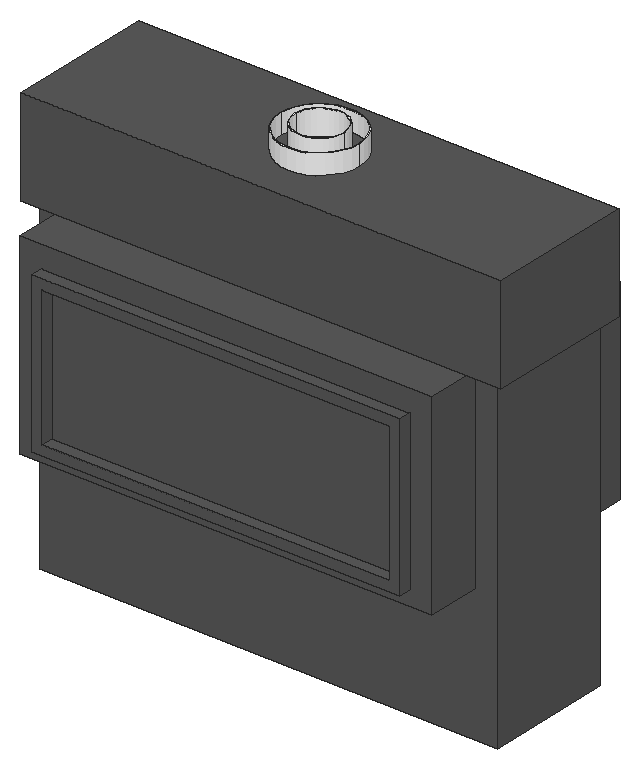
Revit family "R320ST", category Generic Models, Revit 2019
Family settings
  Can host rebar = No
  Round Connector Dimension = Use Diameter
  Part Type = Normal
  Work Plane-Based = No
  Always vertical = Yes
  Cut with Voids When Loaded = No
  Shared = No
  Room Calculation Point = No
Parameters
  Width = 12 5/16"
  URL = "https://www.montigo.com/"
  Model = ""
  Manufacturer Fax = ""
  Manufacturer Website = "https://www.montigo.com/"
  Manufacturer Phone - Toll Free = "800-378-3115"
  Manufacturer Phone = ""
  Manufacturer Address = "27342 Gloucester Way  Langley, BC, Canada   V4W 4A1"
  Manufacturer = "Montigo"
  Length = 53 7/16"
  Keynote = ""
  Glazing Tint = Glass - Montigo - Tint as Specified
  Frame Material = Metal - Montigo - Black
  Firebox Material = Metal - Montigo - White
  Fire Place Length = 50 5/16"
  Fire Place Height = 24 1/2"
  Fire Place - Opening = 16 9/16"
  Description = "Montigo Fireplace as Specified"
  Base Height = 6 9/16"
Reference planes (in)
  plane 1 "Center (Front/Back)": y = 0
  plane 2: z = 0
  plane 3 "Center (Left/Right)": x = 0
Forms (in)
  Extrusion 1, solid, material "Metal - Montigo - Black" <- "Frame Material"
    sketch origin (0, 0, 0) x (1, 0, 0) y (0, 1, 0)
      loop
        line (-23.125, 6.4375) -> (-23.125, -6.4375) -> (23.125, -6.4375) -> (23.125, 6.4375) -> (-23.125, 6.4375)
    from 0 to 33.312
  Extrusion 2, solid, material "Metal - Montigo - Black" <- "Frame Material"
    sketch origin (0, 0, 0) x (1, 0, 0) y (0, 1, 0)
      loop
        line (-24.25, 7.4375) -> (-24.25, -7.4375) -> (24.25, -7.4375) -> (24.25, 7.4375) -> (-24.25, 7.4375)
    from 43.123 to 33.312
  Extrusion 3, solid, material "Metal - Montigo - Black" <- "Frame Material"
    sketch origin (42.25, -6.4375, 0) x (-1, 0, 0) y (0, 0, -1)
      loop
        line (63.026, -13.594) -> (21.474, -13.594) -> (21.474, -33.312) -> (63.026, -33.312) -> (63.026, -13.594)
    from 0 to 5.4345
  Extrusion 4, solid, material "Metal - Montigo - Black" <- "Frame Material"
    sketch origin (42.25, 6.4375, 0) x (-1, 0, 0) y (0, 0, 1)
      loop
        line (63.026, 13.594) -> (63.026, 33.312) -> (21.474, 33.312) -> (21.474, 13.594) -> (63.026, 13.594)
    from 0 to 5.4345
  Extrusion 5, solid, material "Metal - Montigo - Black" <- "Frame Material"
    sketch origin (42.25, -6.4375, 0) x (-1, 0, 0) y (0, 0, -1)
      loop
        line (60.8125, -15.11) -> (23.6875, -15.11) -> (23.6875, -31.11) -> (60.8125, -31.11) -> (60.8125, -15.11)
      loop
        line (59.8125, -30.11) -> (59.8125, -16.11) -> (24.6875, -16.11) -> (24.6875, -30.11) -> (59.8125, -30.11)
    from 6.64935 to 5.4345
  Extrusion 6, solid, material "Metal - Montigo - Black" <- "Frame Material"
    sketch origin (42.25, 6.4375, 0) x (-1, 0, 0) y (0, 0, 1)
      loop
        line (60.8125, 15.11) -> (60.8125, 31.11) -> (23.6875, 31.11) -> (23.6875, 15.11) -> (60.8125, 15.11)
      loop
        line (59.8125, 30.11) -> (24.6875, 30.11) -> (24.6875, 16.11) -> (59.8125, 16.11) -> (59.8125, 30.11)
    from 6.64935 to 5.4345
Dimensions and locks (in)
  Extrusion 2 to Extrusion 1 = 43.123"
  Extrusion 2 to Extrusion 2 to level = 9.811", 33.312"
  Extrusion 2 to Extrusion 5 to Extrusion 5 to level = 12.013", 16", 15.11"
  Extrusion 5 to Extrusion 5 = 37 1/8"
  Extrusion 5 to plane 3 "Center (Left/Right)" to Extrusion 5 = 18 9/16", 18 9/16"
  Extrusion 2 to Extrusion 2 = 48 1/2"
  Extrusion 2 to Extrusion 2 = 14 7/8"
  Extrusion 4 to Extrusion 3 = 23.744"
  aligned and locked: level to plane 2
Nested families (in)
  nested 1: "Duct Dia" at (0, 0, 43.123) x (-1, 0, 0) z (0, 0, 1), type "5""
    with Intake Duct Dia 5", Intake Diameter 4 7/8", Height 2 1/2"
  nested 2: "Duct Dia" at (0, 0, 43.123) x (-1, 0, 0) z (0, 0, 1), type "8""
    with Intake Duct Dia 8", Intake Diameter 7 7/8", Height 2"
Connectors (in)
  hvac at (0, 0, 45.623)
    settings: on nested 1, index 2, duct flow 0.0 L/s, flow factor 0, pres drop 0.0 Pa, loss coef 0, conn angle 0.00°, conn width 304.8 mm, conn height 304.8 mm, conn diameter 127 mm, duct sys type 3, conn prof type 0, flow config 0, flow direction 0, loss method 0, conn ref index -1, conn util no, is conn primary yes, conn desc ""
  hvac at (0, 0, 45.123)
    settings: on nested 2, index 3, duct flow 0.0 L/s, flow factor 0, pres drop 0.0 Pa, loss coef 0, conn angle 0.00°, conn width 304.8 mm, conn height 304.8 mm, conn diameter 203.2 mm, duct sys type 3, conn prof type 0, flow config 0, flow direction 0, loss method 0, conn ref index -1, conn util no, is conn primary no, conn desc ""
Definition of nested family "Duct Dia"
  Parameters (values of type "15 7/8" Dia.")
    Intake Duct Dia = 15 7/8"
    Intake Diameter = Intake Duct Dia - 1/8"  # 15 3/4"
    Height = 4"
    Firebox Material = none
    Default Elevation = 48"
  Types (12): name | Intake Duct Dia | Intake Diameter | Height
    9 7/8" Dia. | 9 7/8" | 9 3/4" | 4"
    7 7/8" Dia | 7 7/8" | 7 3/4" | 4"
    8 1/8" Dia | 8 1/8" | 8" | 1/4"
    11 3/4" Dia | 11 3/4" | 11 5/8" | 4"
    4" Dia | 10" | 9 7/8" | 4"
    7 3/4" Dia | 7 3/4" | 7 5/8" | 4"
    6 7/8" Dia | 6 7/8" | 6 3/4" | 1/4"
    9 3/4" Dia. | 9 3/4" | 9 5/8" | 4"
    7 1/8" Dia | 7 1/8" | 7" | 1/4"
    11 7/8" Dia. | 11 7/8" | 11 3/4" | 4"
    13 7/8" Dia. | 13 7/8" | 13 3/4" | 4"
    15 7/8" Dia. | 15 7/8" | 15 3/4" | 4"
  Reference planes (in)
    plane 1 "Center (Front/Back)": y = 0
    plane 2: z = 0
    plane 3 "Center (Left/Right)": x = 0
    plane 4: z = 4
  Forms (in)
    Extrusion 1, solid
      sketch origin (0, 0, 0) x (1, 0, 0) y (0, 1, 0)
        loop
          line (-48, 48) -> (-48, -48) -> (48, -48) -> (48, 48) -> (-48, 48)
      from 0 to -12
    Extrusion 2, solid, material <- "Firebox Material"
      sketch origin (0, 0, 0) x (1, 0, 0) y (0, 1, 0)
        loop
          circle (0, 0) r 7.9375
        loop
          circle (0, 0) r 7.875
      from 0 to 4
  Dimensions and locks (in)
    "Height": plane 4 to level
    "Intake Duct Dia": diameter of Extrusion 2 sketch curve
    "Intake Diameter": diameter of Extrusion 2 sketch curve
    aligned and locked: plane 2 to Extrusion 1
    aligned and locked: level to Extrusion 1
    aligned and locked: plane 4 to Extrusion 2
  Automatic sketch dimensions
    Extrusion 1 sketch curve to Extrusion 1 sketch curve = 96"  (x2)
    Extrusion 2 sketch curve to Extrusion 2 sketch curve = 0"  (x2)
    plane 1 "Center (Front/Back)" to Extrusion 2 sketch curve = 0"
    Extrusion 2 sketch curve to plane 3 "Center (Left/Right)" = 0"
